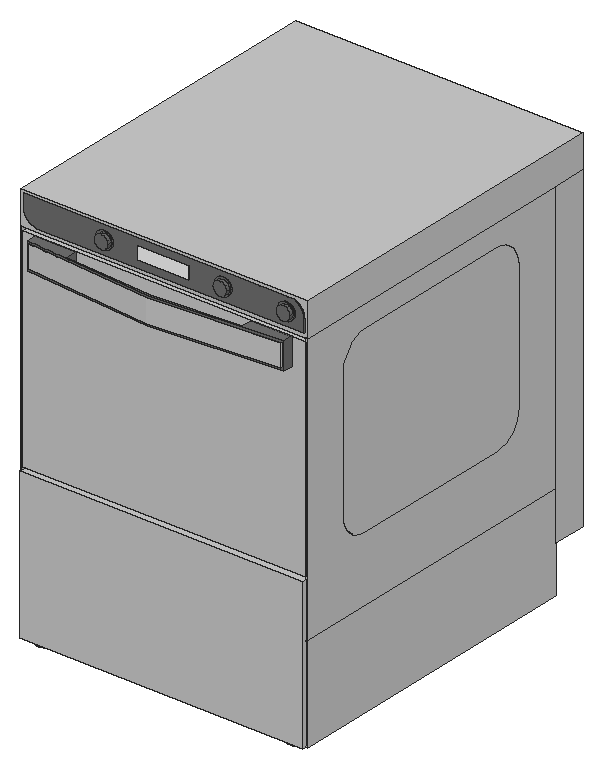
Revit family "QF_COMENDA_B01060_B01460_CAT", category Attrezzature speciali, Revit 2021
Family settings
  Quota connettore circolare = Usa diametro
  Tipo di parte = Normale
  Numero OmniClass = 23.40.40.14
  Titolo OmniClass = Food Service Equipment
  Basato su piano di lavoro = No
  Sempre verticale = Sì
  Taglio con vuoti quando caricato = No
  Condiviso = No
  Punto di calcolo locali = No
Parameters (values of type "B01060")
  URL catalogo = "https://comenda.eu/download/equilybra/"
  URL = "www.comenda.eu"
  Tensione = 230 V
  Temperatura raccomandata per acqua fredda = 15 °C
  Show Logo [instance] = yes
  Show Clearance [instance] = yes
  Protezione contro le sovracorrenti = 16 A
  Prospetto di default = 0 mm
  Profondità = 515 mm
  Potenza elettrica = 2760 W
  Pessione minima acqua fredda = 2000.0 Pa
  Peso netto = 36.00 kg
  Numero dei poli = 1
  Modello = "EB25"
  Produttore = "COMENDA"
  Lunghezza = 425 mm
  Frequenza = 50 Hz
  Fase = 1
  Diametro dello scarico diretto di acqua = 1 3/8"
  Diametro condotta acqua fredda = 3/4"
  Descrizione = "SINGLE-PHASE GLASSWASHER"
  Corrente di funzionamento normale = 12 A
  Assembly Code = ""
  Altezza dello scarico diretto acqua da pavimento finito = 35 mm
  Altezza allacciamento elettrico da pavimento finito = 76 mm
  Altezza allacciamento acqua fredda da pavimento finito = 76 mm
  Altezza = 600 mm
Types (2, lengths in mm): name | Descrizione
  B01060 | "SINGLE-PHASE GLASSWASHER"
  B01460 | "SINGLE-PHASE GLASSWASHER WITH WATER SOFTENER"
Reference planes
  plane 1 "Back": y = -10
  plane 2: z = 0
  plane 3 "Left": x = 0
  plane 4 "Right": x = 425
  plane 5 "Front": y = -525
  plane 6 "Top": z = 600
Forms (mm)
  Extrusion 1, solid
    sketch origin (-278.068, 503.132, 400) x (0, 1, 0) y (0, 0, 1)
      loop
        line (-998.132, -171.9) -> (-1028.132, -171.9) -> (-1028.132, -393) -> (-998.132, -393) -> (-998.132, -171.9)
    from 281.068 to 700.068
  Extrusion 2, solid
    sketch origin (-0.2, 499.132, 365.752) x (0, 1, 0) y (0, 0, 1)
      loop
        line (-667.132, 150.4) -> (-912.132, 150.4)
        arc (-912.132, 150.4) -> (-940.416, 138.684) -> (-952.132, 110.4) r 40
        line (-952.132, 110.4) -> (-952.132, -79.72)
        arc (-952.132, -79.72) -> (-940.416, -108.004) -> (-912.132, -119.72) r 40
        line (-912.132, -119.72) -> (-667.132, -119.72)
        arc (-667.132, -119.72) -> (-638.848, -108.004) -> (-627.132, -79.72) r 40
        line (-627.132, -79.72) -> (-627.132, 110.4)
        arc (-627.132, 110.4) -> (-638.848, 138.684) -> (-667.132, 150.4) r 40
    from 0 to 2
  Extrusion 3, solid
    sketch origin (221.932, -470, 400) x (1, 0, 0) y (0, 0, 1)
      loop
        line (-218.932, 145.22) -> (-218.932, -167.9) -> (200.068, -167.9) -> (200.068, 145.22) -> (-218.932, 145.22)
    from 25 to 50
  Extrusion 4, solid
    sketch origin (-5, 503.132, 400) x (0, 1, 0) y (0, 0, 1)
      loop
        line (-513.132, 200) -> (-1023.132, 200) -> (-1023.132, 150.3) -> (-513.132, 150.3) -> (-513.132, 200)
    from 5 to 430
  Extrusion 5, solid
    sketch origin (-300.7, -518.2, 386.234) x (1, 0, 0) y (0, 0, 1)
      loop
        line (325.192, 169.93) -> (721.192, 169.93) -> (721.192, 189.93)
        arc (721.192, 189.93) -> (715.334, 204.072) -> (701.192, 209.93) r 20
        line (701.192, 209.93) -> (305.192, 209.93) -> (305.192, 189.93)
        arc (305.192, 189.93) -> (311.05, 175.788) -> (325.192, 169.93) r 20
    from 0 to 2
  Extrusion 6, solid
    sketch origin (-295.568, -518.4, 394.502) x (1, 0, 0) y (0, 0, 1)
      loop
        line (469.568, 190.618) -> (469.568, 172.618) -> (545.568, 172.618) -> (545.568, 190.618) -> (469.568, 190.618)
    from 0 to 2
  Extrusion 7, solid
    sketch origin (-303.068, -518.4, 395) x (1, 0, 0) y (0, 0, 1)
      loop
        circle (427.589, 181.155) r 12.5
      loop
        circle (603.577, 181.189) r 12.5
      loop
        circle (697.586, 181.206) r 12.5
    from 1.8 to 3
  Extrusion 8, solid
    sketch origin (-278.068, -46, 400) x (1, 0, 0) y (0, 0, 1)
      loop
        circle (458.099, -364.995) r 19
    from 0 to 2
  Extrusion 9, solid
    sketch origin (25.354, -65.5, 395) x (1, 0, 0) y (0, 1, 0)
      loop
        circle (0, 0) r 17.5
      loop
        circle (0, -435) r 17.5
      loop
        circle (372.8, 0) r 17.5
      loop
        circle (372.8, -435) r 17.5
    from -395 to -388
  Extrusion 10, solid, visible <- "Show Clearance", detail levels coarse
    sketch origin (-5, 5, 404.516) x (0, 1, 0) y (0, 0, 1)
      loop
        line (-525, -171.9) -> (-525, 138.1)
        arc (-525, 138.1) -> (-738.917, 47.571) -> (-815, -171.9) r 285.87
        line (-815, -171.9) -> (-525, -171.9)
    from 8 to 427
  Extrusion 11, solid
    sketch origin (-278.068, 503.132, 148.5) x (1, 0, 0) y (0, 1, 0)
      loop
        line (703.068, -563.132) -> (278.068, -563.132) -> (278.068, -1023.132) -> (280.068, -1023.132) -> (280.068, -998.132) -> (701.068, -998.132) -> (701.068, -1023.132) -> (703.068, -1023.132) -> (703.068, -563.132)
    from 0 to 401.8
  Extrusion 12, solid
    sketch origin (3, -470, 545.22) x (1, 0, 0) y (0, 1, 0)
      loop
        line (79, -67.603) -> (79, -50) -> (19, -50) -> (19, -64.2)
        arc (19, -64.2) -> (209, -80.017) -> (399, -64.2) r 1149.069
        line (399, -64.2) -> (399, -50) -> (339, -50) -> (339, -67.603)
        arc (339, -67.603) -> (209, -74.981) -> (79, -67.603) r 1149.032
    from 0 to -40
  Extrusion 13, solid
    sketch origin (3, -470, 545.22) x (1, 0, 0) y (0, 1, 0)
      loop
        arc (395.21, -62.52) -> (207.957, -77.812) -> (20.704, -62.518) r 1154
        line (20.704, -62.518) -> (20.704, -65.02)
        arc (20.704, -65.02) -> (207.957, -80.314) -> (395.21, -65.02) r 1154
        line (395.21, -65.02) -> (395.21, -62.52)
    from -37 to -3
  Extrusion 14, solid
    sketch origin (-303.068, -521.4, 395) x (1, 0, 0) y (0, 0, 1)
      loop
        circle (697.56, 181.053) r 10
      loop
        circle (603.573, 180.863) r 10
      loop
        circle (427.568, 181.029) r 10
    from 0 to 5
  Extrusion 15, solid
    sketch origin (-5, -10, 550.3) x (-1, 0, 0) y (0, 1, 0)
      loop
        line (-5, 0) -> (-430, 0) -> (-430, -50) -> (-5, -50) -> (-5, 0)
    from 0 to 474
  Extrusion 16, solid
    sketch origin (423, 498.812, 365.796) x (0, 1, 0) y (0, 0, 1)
      loop
        line (-667.132, 150.4) -> (-912.132, 150.4)
        arc (-912.132, 150.4) -> (-940.416, 138.684) -> (-952.132, 110.4) r 40
        line (-952.132, 110.4) -> (-952.132, -79.72)
        arc (-952.132, -79.72) -> (-940.416, -108.004) -> (-912.132, -119.72) r 40
        line (-912.132, -119.72) -> (-667.132, -119.72)
        arc (-667.132, -119.72) -> (-638.848, -108.004) -> (-627.132, -79.72) r 40
        line (-627.132, -79.72) -> (-627.132, 110.4)
        arc (-627.132, 110.4) -> (-638.848, 138.684) -> (-667.132, 150.4) r 40
    from 0 to 2
  Extrusion 17, solid
    sketch origin (-5, -10, 76.3) x (0, -1, 0) y (-1, 0, 0)
      loop
        circle (20.005, -87) r 13
    from 0 to 17
  Extrusion 18, solid
    sketch origin (-5, -10, 76.3) x (0, -1, 0) y (-1, 0, 0)
      loop
        circle (24, -286) r 8
    from 0 to 5
  Extrusion 19, solid
    sketch origin (-278.068, 503.132, 148.5) x (0, 1, 0) y (1, 0, 0)
      loop
        line (-998.132, 701.068) -> (-998.132, 280.068) -> (-1023.132, 280.068) -> (-1023.132, 278.068) -> (-563.132, 278.068) -> (-563.132, 703.068) -> (-1023.132, 703.068) -> (-1023.132, 701.068) -> (-998.132, 701.068)
    from 0 to 141.7
Lines and regions (mm)
  symbolic lines, style "200-EquipBorder-2D"
    curve 1: line (425, -60, 0) -> (0, -60, 0)
    curve 2: line (0, -10, 0) -> (0, -60, 0)
    curve 3: line (425, -10, 0) -> (0, -10, 0)
    curve 4: line (425, -60, 0) -> (425, -10, 0)
    curve 5: line (425, -525, 0) -> (425, -60, 0)
    curve 6: line (0, -60, 0) -> (0, -525, 0)
    curve 7: line (0, -525, 0) -> (425, -525, 0)
  symbolic lines, style "QF_Door-Drawer Clearances", visible <- "Show Clearance"
    curve 8: line (3, -525, 0) -> (3, -820, 0)
    curve 9: line (422, -820, 0) -> (3, -820, 0)
    curve 10: line (422, -820, 0) -> (422, -525, 0)
Dimensions and locks
  plane 3 "Left" to plane 4 "Right" = 425 mm
  plane 5 "Front" to plane 1 "Back" = 515 mm
  plane 6 "Top" to level = 600 mm  (x2)
  "Altezza": level to plane 6 "Top"
  Extrusion 12 to Extrusion 13 sketch curve = 1.704 mm
  Extrusion 13 sketch curve to Extrusion 12 = 3.79 mm
  Extrusion 5 to Extrusion 6 sketch curve = 11.044 mm
  Extrusion 5 to Extrusion 6 sketch curve = 169.509 mm
  "Lunghezza": plane 3 "Left" to plane 4 "Right"
  "Profondità": plane 1 "Back" to plane 5 "Front"
  Extrusion 4 to Extrusion 11 = 49.7 mm
  aligned and locked: level to plane 2
  aligned and locked: Extrusion 7 to Extrusion 5
  aligned and locked: plane 6 "Top" to Extrusion 4
  aligned and locked: Extrusion 11 to Extrusion 1
Automatic sketch dimensions
  Extrusion 1 sketch curve to plane 5 "Front" = 0 mm
  plane 5 "Front" to Extrusion 1 sketch curve = 30 mm
  level to Extrusion 1 sketch curve = 7 mm
  Extrusion 1 sketch curve to Extrusion 1 sketch curve = 221.1 mm
  plane 5 "Front" to Extrusion 2 sketch curve = 72 mm
  Extrusion 2 sketch curve to Extrusion 2 sketch curve = 40 mm  (x3)
  plane 1 "Back" to Extrusion 2 sketch curve = 158 mm  (x2)
  level to Extrusion 2 sketch curve = 246.032 mm
  Extrusion 2 sketch curve to plane 6 "Top" = 123.848 mm
  plane 3 "Left" to Extrusion 3 sketch curve = 3 mm
  plane 4 "Right" to Extrusion 3 sketch curve = 3 mm
  level to Extrusion 3 sketch curve = 232.1 mm
  Extrusion 3 sketch curve to plane 6 "Top" = 54.78 mm
  plane 5 "Front" to Extrusion 4 sketch curve = 5 mm
  Extrusion 4 sketch curve to plane 1 "Back" = 0 mm
  Extrusion 4 sketch curve to plane 6 "Top" = 0 mm
  Extrusion 4 sketch curve to plane 6 "Top" = 49.7 mm
  plane 3 "Left" to Extrusion 5 sketch curve = 4.491 mm
  Extrusion 5 sketch curve to Extrusion 5 sketch curve = 20 mm  (x2)
  plane 4 "Right" to Extrusion 5 sketch curve = 24.509 mm
  plane 4 "Right" to Extrusion 5 sketch curve = 4.509 mm
  Extrusion 5 sketch curve to plane 6 "Top" = 43.836 mm
  Extrusion 6 sketch curve to Extrusion 6 sketch curve = 76 mm
  Extrusion 6 sketch curve to Extrusion 6 sketch curve = 18 mm
  Extrusion 7 sketch curve to plane 6 "Top" = 23.845 mm
  plane 3 "Left" to Extrusion 7 sketch curve = 124.52 mm
  Extrusion 7 sketch curve to plane 6 "Top" = 23.811 mm
  plane 4 "Right" to Extrusion 7 sketch curve = 124.492 mm
  plane 4 "Right" to Extrusion 7 sketch curve = 30.482 mm
  Extrusion 7 sketch curve to plane 6 "Top" = 23.794 mm
  level to Extrusion 8 sketch curve = 35.005 mm
  plane 3 "Left" to Extrusion 8 sketch curve = 180.031 mm
  plane 3 "Left" to Extrusion 9 sketch curve = 25.354 mm  (x2)
  plane 4 "Right" to Extrusion 9 sketch curve = 26.846 mm  (x2)
  plane 5 "Front" to Extrusion 9 sketch curve = 24.5 mm  (x2)
  plane 1 "Back" to Extrusion 9 sketch curve = 55.5 mm  (x2)
  plane 5 "Front" to Extrusion 10 sketch curve = 5 mm
  Extrusion 10 sketch curve to plane 5 "Front" = 0.154 mm
  Extrusion 10 sketch curve to Extrusion 10 sketch curve = 284.846 mm
  level to Extrusion 10 sketch curve = 232.616 mm
  Extrusion 10 sketch curve to Extrusion 10 sketch curve = 24.177 mm
  Extrusion 12 sketch curve to Extrusion 3 = 0 mm  (x2)
  Extrusion 12 sketch curve to Extrusion 3 = 19 mm
  Extrusion 12 sketch curve to Extrusion 12 sketch curve = 60 mm
  Extrusion 12 sketch curve to Extrusion 3 = 209 mm
  Extrusion 12 sketch curve to Extrusion 12 sketch curve = 0 mm
  Extrusion 12 sketch curve to Extrusion 3 = 80 mm
  Extrusion 12 sketch curve to Extrusion 3 = 20 mm
  Extrusion 12 sketch curve to Extrusion 3 = 14.2 mm
  Extrusion 12 sketch curve to Extrusion 3 = 17.603 mm
  Extrusion 12 sketch curve to Extrusion 3 = 1094.051 mm
  Extrusion 12 sketch curve to Extrusion 12 sketch curve = 5 mm
  Extrusion 12 to Extrusion 13 sketch curve = 128.957 mm
  Extrusion 13 sketch curve to Extrusion 13 sketch curve = 0.008 mm
  Extrusion 13 sketch curve to Extrusion 12 = 15.02 mm
  Extrusion 13 sketch curve to Extrusion 13 sketch curve = 2.5 mm
  Extrusion 12 to Extrusion 13 sketch curve = 1123.686 mm
  Extrusion 13 sketch curve to Extrusion 13 sketch curve = 2.501 mm
  Extrusion 14 sketch curve to Extrusion 14 sketch curve = 176.005 mm
  Extrusion 14 sketch curve to Extrusion 14 sketch curve = 93.987 mm
  Extrusion 14 sketch curve to Extrusion 14 sketch curve = 0.166 mm
  Extrusion 14 sketch curve to Extrusion 14 sketch curve = 0.19 mm
  Extrusion 15 sketch curve to Extrusion 4 = 0 mm  (x2)
  Extrusion 4 to Extrusion 15 sketch curve = 0 mm
  Extrusion 4 to Extrusion 15 sketch curve = 50 mm
  plane 5 "Front" to Extrusion 16 sketch curve = 71.68 mm
  Extrusion 16 sketch curve to Extrusion 16 sketch curve = 40 mm  (x3)
  plane 1 "Back" to Extrusion 16 sketch curve = 158.32 mm  (x2)
  level to Extrusion 16 sketch curve = 246.076 mm
  Extrusion 16 sketch curve to plane 6 "Top" = 123.804 mm
  Extrusion 15 to Extrusion 17 sketch curve = 20.005 mm
  Extrusion 15 to Extrusion 17 sketch curve = 82 mm
  Extrusion 15 to Extrusion 18 sketch curve = 24 mm
  Extrusion 15 to Extrusion 18 sketch curve = 144 mm
  Extrusion 11 sketch curve to plane 3 "Left" = 0 mm
  Extrusion 11 sketch curve to plane 4 "Right" = 0 mm
  plane 5 "Front" to Extrusion 11 sketch curve = 5 mm  (x2)
  Extrusion 11 sketch curve to Extrusion 11 sketch curve = 2 mm
  plane 4 "Right" to Extrusion 11 sketch curve = 2 mm
  Extrusion 11 sketch curve to Extrusion 11 sketch curve = 25 mm
  plane 1 "Back" to Extrusion 11 sketch curve = 50 mm
  Extrusion 19 sketch curve to Extrusion 11 = 0 mm  (x7)
  Extrusion 11 to Extrusion 19 sketch curve = 0 mm
  curve 6 to plane 3 "Left" = 0 mm
  plane 1 "Back" to curve 2 = 0 mm
  curve 2 to plane 3 "Left" = 0 mm
  curve 8 to plane 5 "Front" = 0 mm
  curve 10 to plane 5 "Front" = 0 mm
  curve 5 to plane 4 "Right" = 0 mm
  curve 4 to plane 4 "Right" = 0 mm
  curve 7 to plane 5 "Front" = 0 mm
  plane 3 "Left" to curve 8 = 3 mm
  plane 4 "Right" to curve 10 = 3 mm
  curve 8 to curve 8 = 295 mm
  plane 1 "Back" to curve 1 = 50 mm
  radius of Extrusion 7 sketch curve = 12.5 mm  (x3)
  radius of Extrusion 8 sketch curve = 19 mm
  radius of Extrusion 9 sketch curve = 17.5 mm  (x4)
  radius of Extrusion 14 sketch curve = 10 mm  (x3)
  radius of Extrusion 17 sketch curve = 13 mm
  radius of Extrusion 18 sketch curve = 8 mm
Connectors
  piping at (180.031, -46, 35.005), diameter 34.925, driven by "Diametro dello scarico diretto di acqua"
    settings: on Extrusion 8, index 2, connector inside diameter 24", connector length 0 mm, flow factor 0, pipe flow 0.0 L/s, pressure drop 0.0 Pa, fitting loss kfactor 0, connector angle 0.00°, fixture units 0, engagement length 0 mm, angle of deflection 0.00°, flow configuration 1, flow direction 2, fitting loss method 0, system type 16, joint type 0, gender type 0, connector reference index -1, connector utility 0, adjustable connector no, is connector primary yes, connector description "QF_Drain Connection"
  piping at (82, -30.005, 59.3), diameter 26
    settings: on Extrusion 17, index 3, connector inside diameter 24", connector length 0 mm, flow factor 0, pipe flow 0.0 L/s, pressure drop 0.0 Pa, fitting loss kfactor 0, connector angle 0.00°, fixture units 0, engagement length 0 mm, angle of deflection 0.00°, flow configuration 0, flow direction 1, fitting loss method 0, system type 20, joint type 0, gender type 0, connector reference index -1, connector utility 0, adjustable connector no, is connector primary no, connector description "QF_ water inniet"
  electrical at (281, -34, 71.3)
    settings: on Extrusion 18, index 4, voltage 220 V, apparent load 0 VA, apparent load phase1 0 VA, apparent load phase2 0 VA, apparent load phase3 0 VA, power factor 1, load classification "Altro", number of poles 1, system type 30, power factor state 1, is connector primary yes, connector utility no, sub classification motor no, connector description ""
